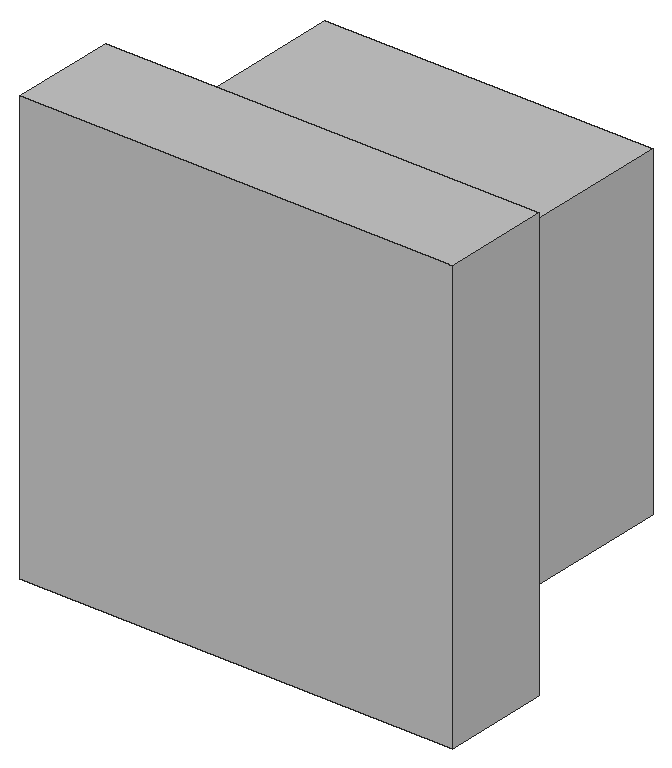
Revit family "efg-20_40ksb2-c_w_50Hz", category 機械設備, Revit 2019
Family settings
  丸型コネクタ寸法 = 直径を使用
  パーツ タイプ = 標準
  OmniClass 番号 = 23.75.35.21.17
  OmniClass タイトル = Industrial Ventilating Equipment
  作業面ベース = いいえ
  常に垂直 = はい
  ロード時にボイドで切り取り = はい
  共有 = いいえ
  部屋計算ポイント = はい
Parameters (values of type "EFG-20KSB2-C")
  騒音レベル(dB(A)) [instance] = 32.5
  風量 [instance] = 550.0 m³/h
  電源種別 [instance] = ""
  電圧 = 100 V
  電動機出力 = 15 W
  電動機_種別 [instance] = ""
  運転質量 = 0.00 kg
  連動 [instance] = ""
  質量 = if(製品質量 > 運転質量, 製品質量, 運転質量) * 1.2  # 6.36 kg
  負荷分類 = 3_ファン類
  説明 = "業務用有圧換気扇 店舗用 格子タイプ"
  設計風量 [instance] = 0.0 m³/h
  設置方法 = "壁付"
  記号 [instance] = ""
  製造元 = "三菱電機株式会社"
  製品質量 = 5.30 kg
  製品出荷対象 = "国内"
  製品リリース年月 = "2022年6月1日"
  製品グループ = ""
  羽根径 = "∅200"
  系統 [instance] = ""
  符号 [instance] = if(☑給気／□排気, "FS", "FE")  # "FE"
  積算_科目 = ""
  積算_拾い区分 [instance] = ""
  相 = 1
  盤記号 [instance] = ""
  盤工事区分 = ""
  発停方法 [instance] = ""
  特殊仕様 [instance] = ""
  火災停止 [instance] = ""
  消費電力 = 17 W
  法定耐用年数 = "15"
  極数 = 2
  極 = 4
  材質 [instance] = ""
  操作・制御方式 = ""
  操作・制御スイッチ = ""
  排気量 [instance] = if(☑給気／□排気, 0.0 m³/h, 設計風量)  # 0.0 m³/h
  形式 = ""
  幹線記号 [instance] = ""
  対象室 [instance] = ""
  実風量 [instance] = 0.0 m³/h
  始動方式 [instance] = "直入"
  外気量 [instance] = if(☑給気／□排気, 設計風量, 0.0 m³/h)  # 0.0 m³/h
  呼称 = "有圧扇"
  周波数 = 50 Hz
  参照している仕様書等のバージョン = ""
  分類コード = "50052503100110"
  分類グループ = ""
  価格 = 63800
  企業コード = "108420"
  付属品_防振装置 = ""
  付属品 [instance] = ""
  仕様書バージョン = "Version1.0"
  モデル = "EFG-20KSB2-C"
  ファンの種類 = "軸流羽根"
  コメント [instance] = ""
  Keynote = ""
  ☑給気／□排気 [instance] = no
  Width = 322 mm
  W1 = 244 mm
  Version = ""
  Uniclass2015Version = "Systems v1.9"
  Uniclass2015Title = "Propeller fans"
  Uniclass2015Code = "Pr_65_67_29_67"
  URL = "https://www.mitsubishielectric.co.jp/ldg/wink/ssl/displayProduct.do?pid=318501"
  SpecificationReference = ""
  SpecificationDescription = ""
  Revision = ""
  ProductInformation = ""
  OmniClassCode = "23-33 31 19 11 17"
  MIN風量 = 460.0 m³/h
  MID風量 = 0.0 m³/h
  MAX風量 = 550.0 m³/h
  IfcTypeProduct = ""
  IfcProduct = ""
  IfcExportType = "TUBEAXIAL"
  IfcExportAs = "IfcFanType"
  Height = 322 mm
  H1 = 244 mm
  Depth = 235 mm
  D1 = 155 mm
  Author = "三菱電機株式会社"
Types (8, lengths in mm): name | 騒音レベル(dB(A)) | 風量 | 電動機出力 | 質量 | 製品質量 | 羽根径 | 消費電力 | 価格 | モデル | Width | W1 | URL | MIN風量 | MAX風量 | Height | H1 | Depth | D1
  EFG-20KSB2-W | 32.5 | 550.0 m³/h | 15 W | 6.36 kg | 5.30 kg | "∅200" | 17 W | 63800 | "EFG-20KSB2-W" | 322 | 244 | "https://www.mitsubishielectric.co.jp/ldg/wink/ssl/displayProduct.do?pid=318503" | 460.0 m³/h | 550.0 m³/h | 322 | 244 | 235 | 155
  EFG-20KSB2-C | 32.5 | 550.0 m³/h | 15 W | 6.36 kg | 5.30 kg | "∅200" | 17 W | 63800 | "EFG-20KSB2-C" | 322 | 244 | "https://www.mitsubishielectric.co.jp/ldg/wink/ssl/displayProduct.do?pid=318501" | 460.0 m³/h | 550.0 m³/h | 322 | 244 | 235 | 155
  EFG-25KSB2-W | 37.5 | 1060.0 m³/h | 25 W | 6.72 kg | 5.60 kg | "∅250" | 35 W | 68600 | "EFG-25KSB2-W" | 372 | 294 | "https://www.mitsubishielectric.co.jp/ldg/wink/ssl/displayProduct.do?pid=318508" | 870.0 m³/h | 1060.0 m³/h | 372 | 294 | 245 | 155
  EFG-25KSB2-C | 37.5 | 1060.0 m³/h | 25 W | 6.72 kg | 5.60 kg | "∅250" | 35 W | 68600 | "EFG-25KSB2-C" | 372 | 294 | "https://www.mitsubishielectric.co.jp/ldg/wink/ssl/displayProduct.do?pid=318506" | 870.0 m³/h | 1060.0 m³/h | 372 | 294 | 245 | 155
  EFG-30KSB2-W | 43.5 | 1640.0 m³/h | 50 W | 8.40 kg | 7.00 kg | "∅300" | 47 W | 83500 | "EFG-30KSB2-W" | 422 | 344 | "https://www.mitsubishielectric.co.jp/ldg/wink/ssl/displayProduct.do?pid=318567" | 1380.0 m³/h | 1640.0 m³/h | 422 | 344 | 265 | 155
  EFG-30KSB2-C | 43.5 | 1640.0 m³/h | 50 W | 8.40 kg | 7.00 kg | "∅300" | 47 W | 83500 | "EFG-30KSB2-C" | 422 | 344 | "https://www.mitsubishielectric.co.jp/ldg/wink/ssl/displayProduct.do?pid=318565" | 1380.0 m³/h | 1640.0 m³/h | 422 | 344 | 265 | 155
  EFG-35KSB2-W | 49 | 2470.0 m³/h | 100 W | 12.72 kg | 10.60 kg | "∅350" | 85 W | 121000 | "EFG-35KSB2-W" | 484 | 399 | "https://www.mitsubishielectric.co.jp/ldg/wink/ssl/displayProduct.do?pid=318572" | 2120.0 m³/h | 2470.0 m³/h | 484 | 399 | 275 | 155
  EFG-40KSB2-W | 53.5 | 3330.0 m³/h | 150 W | 20.52 kg | 17.10 kg | "∅400" | 137 W | 156000 | "EFG-40KSB2-W" | 520 | 423 | "https://www.mitsubishielectric.co.jp/ldg/wink/ssl/displayProduct.do?pid=318577" | 2910.0 m³/h | 3330.0 m³/h | 520 | 423 | 341 | 159
Reference planes
  plane 1 "中心(正面/背面)": y = 0
  plane 2: z = 0
  plane 3 "中心(左/右)": x = 0
  plane 4: z = 0
  plane 5: through (-212.884, -1524, -243.751) normal (0.6508, 0, 0.7593)
  plane 6: through (208.307, -1524, -247.63) normal (-0.6508, 0, 0.7593)
  plane 7 "正面": y = -80
  plane 8: through (-208.307, -1524, -247.63) normal (-0.6508, 0, -0.7593)
  plane 9: y = 170
  plane 10: y = 270
  plane 11: x = -161
  plane 12: x = 161
  plane 13: z = 161
  plane 14: x = -122
  plane 15: z = 122
  plane 16: z = -161
  plane 17: z = -122
  plane 18: x = 122
  plane 19: y = 155
Forms (mm)
  Extrusion 1, solid, detail levels fine
    sketch origin (0, 0, 0) x (1, 0, 0) y (0, 0, 1)
      loop
        line (-161, 161) -> (-161, -161) -> (161, -161) -> (161, 161) -> (-161, 161)
    from 0 to 80
  Extrusion 2, solid, detail levels fine
    sketch origin (0, 0, 0) x (1, 0, 0) y (0, 0, 1)
      loop
        line (-122, 122) -> (-122, -122) -> (122, -122) -> (122, 122) -> (-122, 122)
    from -155 to 0
Lines and regions (mm)
  Masking region 1, detail levels coarse+medium
    outline origin (0, 0, 0) x (1, 0, 0) y (0, 1, 0)
      loop
        line (-250, -80) -> (250, -80) -> (250, 170) -> (-250, 170) -> (-250, -80)
  Masking region 2, detail levels coarse+medium
    outline origin (0, 0, 0) x (1, 0, 0) y (0, 1, 0)
      loop
        line (-124, 170) -> (124, 170) -> (124, 270) -> (-124, 270) -> (-124, 170)
  symbolic lines, detail levels coarse+medium
    curve 1: circle (124, -86, 0) r 115 normal (0, 0, 1)
    curve 2: circle (-124, -86, 0) r 115 normal (0, 0, -1)
Dimensions and locks
  level to plane 4 = 0 mm
  plane 7 "正面" to plane 9 to plane 10 = 250 mm locked, 100 mm locked
  equal spacing: plane 18, plane 3 "中心(左/右)", plane 14
  "W1": plane 18 to plane 14
  equal spacing: plane 12, plane 3 "中心(左/右)", plane 11
  "Width": plane 12 to plane 11
  equal spacing: plane 15, level, plane 17
  "H1": plane 15 to plane 17
  equal spacing: plane 13, level, plane 16
  "Height": plane 13 to plane 16
  "D1": plane 1 "中心(正面/背面)" to plane 19
  "Depth": plane 7 "正面" to plane 19
  aligned and locked: level to plane 2
  aligned and locked: plane 7 "正面" to Masking region 1 sketch curve
  aligned and locked: plane 9 to Masking region 1 sketch curve
  aligned and locked: Masking region 2 sketch curve to plane 9
  aligned and locked: plane 10 to Masking region 2 sketch curve
  aligned and locked: Extrusion 1 sketch curve to plane 13
  aligned and locked: plane 11 to Extrusion 1 sketch curve
  aligned and locked: Extrusion 1 sketch curve to plane 16
  aligned and locked: plane 12 to Extrusion 1 sketch curve
  aligned and locked: Extrusion 2 sketch curve to plane 15
  aligned and locked: plane 14 to Extrusion 2 sketch curve
  aligned and locked: Extrusion 2 sketch curve to plane 17
  aligned and locked: plane 18 to Extrusion 2 sketch curve
  aligned and locked: plane 19 to Extrusion 2
  aligned and locked: plane 1 "中心(正面/背面)" to Extrusion 2
  aligned and locked: plane 7 "正面" to Extrusion 1
  aligned and locked: Extrusion 1 to plane 1 "中心(正面/背面)"
Automatic sketch dimensions
  curve 2 to plane 3 "中心(左/右)" = 124 mm
  plane 3 "中心(左/右)" to curve 1 = 124 mm
  Masking region 1 sketch curve to plane 3 "中心(左/右)" = 250 mm
  plane 3 "中心(左/右)" to Masking region 1 sketch curve = 250 mm
  Masking region 2 sketch curve to plane 3 "中心(左/右)" = 124 mm
  plane 3 "中心(左/右)" to Masking region 2 sketch curve = 124 mm
  plane 7 "正面" to curve 2 = 6 mm
  plane 7 "正面" to curve 1 = 6 mm
  radius of curve 1 = 115 mm
  radius of curve 2 = 115 mm
Connectors
  electrical at (-161, -40, 0), driven by "極数", driven by "負荷分類", driven by "電圧", driven by "消費電力"
    settings: on Extrusion 1, index 1, voltage 100 V, apparent load 17 VA, apparent load phase1 0 VA, apparent load phase2 0 VA, apparent load phase3 0 VA, power factor 1, load classification "3_ファン類", number of poles 2, system type 30, power factor state 1, is connector primary yes, connector utility no, sub classification motor no, connector description ""
